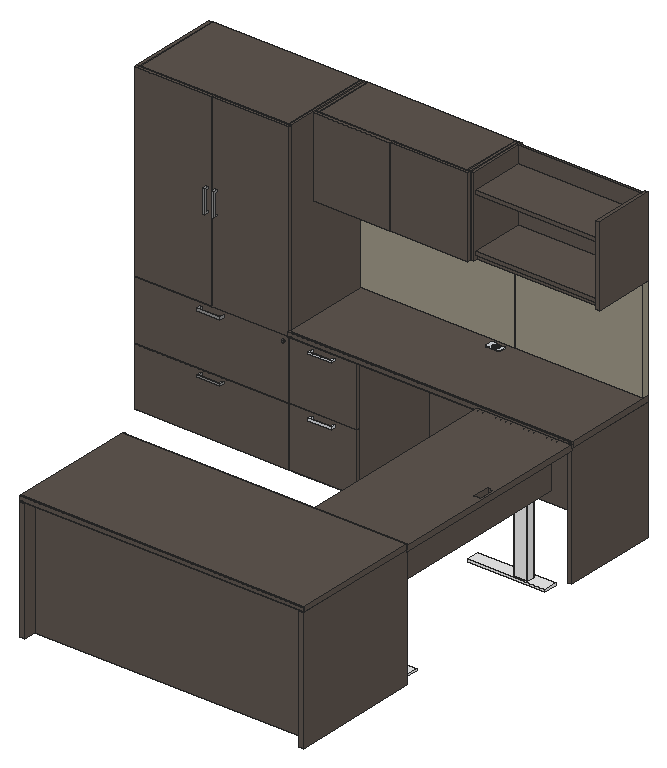
Revit family "T100257", category Furniture, Revit 2015 (continued)
Definition of nested family "FIRST OFFICE-PULSE_CREDENZA_SINGLE_PED_LEFT"
  Forms (in)
    Extrusion 9, solid, material <- "EDGE SHAPE"
      sketch origin (0, 0, 0) x (0, 1, 0) y (0, 0, 1)
        loop
          arc (-14.875, 30) -> (-14.96339, 29.96339) -> (-15, 29.875) r 0.125
          line (-15, 29.875) -> (-15, 28.937)
          arc (-15, 28.937) -> (-14.96339, 28.84861) -> (-14.875, 28.812) r 0.125
      from -33 to 33
    Extrusion 10, solid
      sketch origin (-19.03911, -15.37535, 22.938) x (1, 0, 0) y (0, 1, 0)
        loop
          line (-8.74164, 0.62535) -> (-8.74164, -0.37465) -> (-3.30414, -0.37465) -> (-3.30414, 0.62535) -> (-3.67914, 0.62535) -> (-3.67914, -0.18715) -> (-8.36664, -0.18715) -> (-8.36664, 0.62535) -> (-8.74164, 0.62535)
      from 4.53125 to 5
    Extrusion 11, solid
      sketch origin (-19.03911, -15.37535, 16) x (1, 0, 0) y (0, 1, 0)
        loop
          line (-8.74164, 0.62535) -> (-8.74164, -0.37465) -> (-3.30414, -0.37465) -> (-3.30414, 0.62535) -> (-3.67914, 0.62535) -> (-3.67914, -0.18715) -> (-8.36664, -0.18715) -> (-8.36664, 0.62535) -> (-8.74164, 0.62535)
      from -2.40575 to -1.937
    Extrusion 12, solid
      sketch origin (0, 0, 28.687) x (0, 1, 0) y (-1, 0, 0)
        loop
          line (6.875, 31.937) -> (6.875, 32.875) -> (-14, 32.875) -> (-14, 31.937) -> (6.875, 31.937)
      from 0 to 0.125
    Extrusion 13, solid
      sketch origin (0, 0, 28.687) x (0, 1, 0) y (-1, 0, 0)
        loop
          line (6.875, -32) -> (-14.875, -32) -> (-14.875, -32.875) -> (6.875, -32.875) -> (6.875, -32)
      from 0 to 0.125
    Extrusion 14, solid, visible <- "CENTER GROMMET"
      sketch origin (0, -7, 29.972) x (0, 1, 0) y (-1, 0, 0)
        loop
          arc (12, 1.25) -> (11.87186, 1.55936) -> (11.5625, 1.6875) r 0.4375
          line (11.5625, 1.6875) -> (10.4375, 1.6875)
          arc (10.4375, 1.6875) -> (10.12814, 1.55936) -> (10, 1.25) r 0.4375
          line (10, 1.25) -> (10, 0) -> (10.62004, 0) -> (10.62004, 0.4375)
          arc (10.62004, 0.4375) -> (10.69471, 0.61779) -> (10.875, 0.69246) r 0.25496
          line (10.875, 0.69246) -> (11.125, 0.69246)
          arc (11.125, 0.69246) -> (11.30529, 0.61779) -> (11.37996, 0.4375) r 0.25496
          line (11.37996, 0.4375) -> (11.37996, 0) -> (12, 0) -> (12, 1.25)
      from 0.028 to 0.098
    Sweep 15, void
      path origin (0, -7, 30) x (0, 1, 0) y (-1, 0, 0)
        loop
          line (11.37996, 0) -> (11.37996, 0.4375)
          arc (11.37996, 0.4375) -> (11.30529, 0.61779) -> (11.125, 0.69246) r 0.25496
          line (11.125, 0.69246) -> (10.875, 0.69246)
          arc (10.875, 0.69246) -> (10.69471, 0.61779) -> (10.62004, 0.4375) r 0.25496
          line (10.62004, 0.4375) -> (10.62004, 0)
      profile origin (-0.69246, 4, 30) x (1, 0, 0) y (0, 0, 1)
        loop
          arc (-0.07, 0.07) -> (-0.0205, 0.0495) -> (0, 0) r 0.07
          line (0, 0) -> (0, 0.07) -> (-0.07, 0.07)
    Extrusion 16, solid, visible <- "CENTER GROMMET"
      sketch origin (0, -7, 29.942) x (0, 1, 0) y (-1, 0, 0)
        loop
          line (12, -1.25) -> (12, 0) -> (11.37996, 0) -> (11.37996, -0.4375)
          arc (11.37996, -0.4375) -> (11.30529, -0.61779) -> (11.125, -0.69246) r 0.25496
          line (11.125, -0.69246) -> (10.875, -0.69246)
          arc (10.875, -0.69246) -> (10.69471, -0.61779) -> (10.62004, -0.4375) r 0.25496
          line (10.62004, -0.4375) -> (10.62004, 0) -> (10, 0) -> (10, -1.25)
          arc (10, -1.25) -> (10.12814, -1.55936) -> (10.4375, -1.6875) r 0.4375
          line (10.4375, -1.6875) -> (11.5625, -1.6875)
          arc (11.5625, -1.6875) -> (11.87186, -1.55936) -> (12, -1.25) r 0.4375
      from 0.058 to 0.128
    Sweep 17, void
      path origin (0, -7, 30) x (0, 1, 0) y (1, 0, 0)
        loop
          line (11.37996, 0) -> (11.37996, 0.4375)
          arc (11.37996, 0.4375) -> (11.30529, 0.61779) -> (11.125, 0.69246) r 0.25496
          line (11.125, 0.69246) -> (10.875, 0.69246)
          arc (10.875, 0.69246) -> (10.69471, 0.61779) -> (10.62004, 0.4375) r 0.25496
          line (10.62004, 0.4375) -> (10.62004, 0)
      profile origin (0.69247, 4, 30) x (1, 0, 0) y (0, 0, 1)
        loop
          line (0.07, 0.07) -> (0, 0.07) -> (0, 0)
          arc (0, 0) -> (0.0205, 0.0495) -> (0.07, 0.07) r 0.07
    Extrusion 18, void
      sketch origin (0, 0, 30) x (0, 1, 0) y (-1, 0, 0)
        loop
          line (3.5, 0.75) -> (3.5, -0.75) -> (4.5, -0.75) -> (4.5, 0.75) -> (3.5, 0.75)
      from -1.188 to 0
  Cuts and joins
    Sweep 15, Extrusion 18 cuts Extrusion 14
    Sweep 15, Sweep 17, Extrusion 18 cuts Extrusion 16
    Extrusion 18 cuts Extrusion 8
  Lines and regions (in)
    Masking region 1
      outline origin (0, 0, 0) x (1, 0, 0) y (0, 1, 0)
        loop
          line (-33, 7) -> (-33, -15) -> (33, -15) -> (33, 7) -> (-33, 7)
    Masking region 2
      outline origin (0, 0, 0) x (1, 0, 0) y (0, 1, 0)
        loop
          line (-27.78075, -15) -> (-27.78075, -15.75) -> (-22.34325, -15.75) -> (-22.34325, -15) -> (-22.71825, -15) -> (-22.71825, -15.5625) -> (-27.40575, -15.5625) -> (-27.40575, -15) -> (-27.78075, -15)
    Masking region 3, visible <- "CENTER GROMMET"
      outline origin (0, -7, 30) x (0, 1, 0) y (-1, 0, 0)
        loop
          arc (12, 1.25) -> (11.87186, 1.55936) -> (11.5625, 1.6875) r 0.4375
          line (11.5625, 1.6875) -> (10.4375, 1.6875)
          arc (10.4375, 1.6875) -> (10.12814, 1.55936) -> (10, 1.25) r 0.4375
          line (10, 1.25) -> (10, 0) -> (10.62004, 0) -> (10.62004, 0.4375)
          arc (10.62004, 0.4375) -> (10.69471, 0.61779) -> (10.875, 0.69246) r 0.25496
          line (10.875, 0.69246) -> (11.125, 0.69246)
          arc (11.125, 0.69246) -> (11.30529, 0.61779) -> (11.37996, 0.4375) r 0.25496
          line (11.37996, 0.4375) -> (11.37996, 0) -> (12, 0) -> (12, 1.25)
    Masking region 4, visible <- "CENTER GROMMET"
      outline origin (0, -7, 30) x (1, 0, 0) y (0, 1, 0)
        loop
          line (1.25, 12) -> (0, 12) -> (0, 11.37996) -> (0.4375, 11.37996)
          arc (0.4375, 11.37996) -> (0.61779, 11.30529) -> (0.69246, 11.125) r 0.25496
          line (0.69246, 11.125) -> (0.69246, 10.875)
          arc (0.69246, 10.875) -> (0.61779, 10.69471) -> (0.4375, 10.62004) r 0.25496
          line (0.4375, 10.62004) -> (0, 10.62004) -> (0, 10) -> (1.25, 10)
          arc (1.25, 10) -> (1.55936, 10.12814) -> (1.6875, 10.4375) r 0.4375
          line (1.6875, 10.4375) -> (1.6875, 11.5625)
          arc (1.6875, 11.5625) -> (1.55936, 11.87186) -> (1.25, 12) r 0.4375
  Dimensions and locks (in)
    equal spacing: plane 4 "LEFT", plane 3 "Center Left/Right", plane 5 "RIGHT"
    "CREDENZA WIDTH": plane 4 "LEFT" to plane 5 "RIGHT"
    plane 15 to plane 14 to plane 11 = 1/8" locked, 13 3/4" locked
    plane 22 to plane 11 to plane 9 "PEDESTAL BOTTOM" = 0.187" locked, 0.563" locked
    locked: Extrusion 4 to Extrusion 3 sketch curve at 28.188
    locked: Extrusion 6 sketch curve to Extrusion 8 at 28.313
    "PEDESTAL HEIGHT": plane 10 "PEDESTAL TOP" to plane 9 "PEDESTAL BOTTOM"
    plane 23 "MODESTY PANEL" to plane 25 to plane 24 = 0.3" locked, 3/4" locked
    locked: plane 8 "FRONT" to plane 23 "MODESTY PANEL" at 22
    equal spacing: plane 23 "MODESTY PANEL", plane 1 "Center Front/Back", plane 8 "FRONT"
    plane 4 "LEFT" to plane 16 to plane 19 to plane 20 to plane 17 to plane 18 = 0.063" locked, 1" locked, 14.063" locked, 0.687" locked, 0.063" locked
    locked: plane 21 to plane 5 "RIGHT" at 1
    plane 14 to plane 26 to plane 27 = 3/4" locked, 15/32" locked
    plane 7 "BASE HEIGHT" to plane 10 "PEDESTAL TOP" to plane 2 = 1/8" locked, 28.687" locked
    locked: plane 28 to plane 6 "DESK TOP" at 0.07
    "THICKNESS": plane 6 "DESK TOP" to plane 7 "BASE HEIGHT"
    aligned and locked: plane 16 to Extrusion 1 sketch curve
    aligned and locked: Extrusion 1 sketch curve to plane 14
    aligned and locked: plane 11 to Extrusion 1 sketch curve
    aligned and locked: Extrusion 1 sketch curve to plane 17
    aligned and locked: plane 17 to Extrusion 2 sketch curve
    aligned and locked: plane 10 "PEDESTAL TOP" to Extrusion 2 sketch curve
    aligned: Extrusion 2 to plane 12 "PEDESTAL FRONT"
    aligned: plane 13 "DRAWER FRONT" to Extrusion 2
    aligned and locked: Extrusion 1 to plane 12 "PEDESTAL FRONT"
    aligned and locked: plane 13 "DRAWER FRONT" to Extrusion 1
    aligned and locked: plane 10 "PEDESTAL TOP" to Extrusion 3 sketch curve
    aligned and locked: plane 12 "PEDESTAL FRONT" to Extrusion 3 sketch curve
    aligned: Extrusion 3 to plane 4 "LEFT"
    aligned: plane 19 to Extrusion 3
    aligned and locked: plane 5 "RIGHT" to Extrusion 4
    aligned and locked: plane 21 to Extrusion 4
    aligned and locked: Extrusion 5 to plane 20
    aligned and locked: plane 18 to Extrusion 5
    aligned: Extrusion 4 to plane 9 "PEDESTAL BOTTOM"
    aligned and locked: Extrusion 5 to plane 9 "PEDESTAL BOTTOM"
    aligned and locked: plane 7 "BASE HEIGHT" to Extrusion 5
    aligned and locked: plane 7 "BASE HEIGHT" to Extrusion 6 sketch curve
    aligned and locked: Extrusion 6 sketch curve to plane 21
    aligned and locked: Extrusion 6 sketch curve to plane 19
    aligned: Extrusion 6 to plane 24
    aligned: plane 23 "MODESTY PANEL" to Extrusion 6
    aligned and locked: plane 24 to Extrusion 5
    aligned and locked: Extrusion 7 sketch curve to plane 19
    aligned and locked: plane 24 to Extrusion 7 sketch curve
    aligned and locked: plane 20 to Extrusion 7 sketch curve
    aligned and locked: plane 12 "PEDESTAL FRONT" to Extrusion 7 sketch curve
    aligned and locked: Extrusion 7 to plane 9 "PEDESTAL BOTTOM"
    aligned and locked: plane 22 to Extrusion 7
    aligned and locked: Extrusion 8 to plane 7 "BASE HEIGHT"
    aligned and locked: plane 6 "DESK TOP" to Extrusion 8
    aligned and locked: Extrusion 9 sketch curve to plane 8 "FRONT"
    aligned and locked: Extrusion 9 to plane 4 "LEFT"
    aligned and locked: plane 5 "RIGHT" to Extrusion 9
    aligned and locked: Extrusion 12 to plane 10 "PEDESTAL TOP"
    aligned and locked: plane 7 "BASE HEIGHT" to Extrusion 12
    aligned and locked: level to plane 2
    aligned and locked: Extrusion 6 to Extrusion 4
    aligned and locked: Extrusion 2 sketch curve to plane 15
    aligned and locked: Masking region 1 sketch curve to plane 23 "MODESTY PANEL"
    aligned and locked: plane 23 "MODESTY PANEL" to Extrusion 3
    aligned and locked: Extrusion 8 sketch curve to Masking region 1
    aligned and locked: plane 23 "MODESTY PANEL" to Extrusion 4
    aligned and locked: plane 25 to Extrusion 6
    aligned and locked: Extrusion 6 to plane 24
    aligned and locked: Extrusion 14 to Sweep 15
    aligned and locked: Extrusion 16 to Sweep 15
    aligned and locked: plane 6 "DESK TOP" to cut or joined group of Extrusion 8, Extrusion 18
    aligned and locked: cut or joined group of Extrusion 8, Extrusion 18 to plane 7 "BASE HEIGHT"
    aligned and locked: plane 8 "FRONT" to Extrusion 4
    aligned and locked: cut or joined group of Extrusion 8, Extrusion 18 to Extrusion 13
    aligned and locked: plane 26 to Extrusion 11
    aligned and locked: plane 27 to Extrusion 11
    aligned and locked: plane 28 to cut or joined group of Extrusion 14, Sweep 15, Extrusion 18
    aligned and locked: Sweep 15 sketch curve to plane 28
    aligned and locked: plane 6 "DESK TOP" to Sweep 15 sketch curve
    aligned and locked: plane 28 to Sweep 17 sketch curve
    aligned and locked: plane 6 "DESK TOP" to Sweep 17 sketch curve
    aligned and locked: cut or joined group of Extrusion 14, Sweep 15, Extrusion 18 to plane 6 "DESK TOP"
    aligned and locked: cut or joined group of Sweep 15, Extrusion 16, Sweep 17, Extrusion 18 to plane 6 "DESK TOP"
  Automatic sketch dimensions
    Extrusion 2 sketch curve to plane 16 = 0"
    plane 8 "FRONT" to Masking region 2 sketch curve = 0"  (x2)
    plane 19 to Masking region 2 sketch curve = 4 5/32"
    Masking region 2 sketch curve to Masking region 2 sketch curve = 3/8"  (x2)
    plane 8 "FRONT" to Masking region 2 sketch curve = 9/16"
    Masking region 2 sketch curve to Masking region 2 sketch curve = 4 11/16"
    Masking region 2 sketch curve to Masking region 2 sketch curve = 3/16"
    Extrusion 3 sketch curve to plane 23 "MODESTY PANEL" = 0"
    Extrusion 4 sketch curve to plane 10 "PEDESTAL TOP" = 0"
    plane 12 "PEDESTAL FRONT" to Extrusion 4 sketch curve = 1"
    Extrusion 4 sketch curve to plane 23 "MODESTY PANEL" = 0"
    level to Extrusion 4 sketch curve = 0.499"
    Extrusion 5 sketch curve to plane 7 "BASE HEIGHT" = 0"
    Extrusion 5 sketch curve to plane 12 "PEDESTAL FRONT" = 0"
    Extrusion 5 sketch curve to plane 9 "PEDESTAL BOTTOM" = 0"
    Extrusion 5 sketch curve to plane 24 = 0"
    Extrusion 8 sketch curve to plane 4 "LEFT" = 0"
    Extrusion 8 sketch curve to plane 5 "RIGHT" = 0"
    Extrusion 8 sketch curve to plane 8 "FRONT" = 1/8"
    Extrusion 9 sketch curve to plane 6 "DESK TOP" = 0"
    Extrusion 9 sketch curve to plane 7 "BASE HEIGHT" = 0"
    Extrusion 9 sketch curve to plane 8 "FRONT" = 1/8"
    plane 13 "DRAWER FRONT" to Extrusion 10 sketch curve = 0"  (x2)
    plane 19 to Extrusion 10 sketch curve = 4 5/32"
    Extrusion 10 sketch curve to Extrusion 10 sketch curve = 3/8"  (x2)
    plane 8 "FRONT" to Extrusion 10 sketch curve = 9/16"
    Extrusion 10 sketch curve to Extrusion 10 sketch curve = 4 11/16"
    Extrusion 10 sketch curve to Extrusion 10 sketch curve = 3/16"
    plane 13 "DRAWER FRONT" to Extrusion 11 sketch curve = 0"  (x2)
    plane 19 to Extrusion 11 sketch curve = 4 5/32"
    Extrusion 11 sketch curve to Extrusion 11 sketch curve = 3/8"  (x2)
    plane 8 "FRONT" to Extrusion 11 sketch curve = 9/16"
    Extrusion 11 sketch curve to Extrusion 11 sketch curve = 4 11/16"
    Extrusion 11 sketch curve to Extrusion 11 sketch curve = 3/16"
    Masking region 1 sketch curve to plane 4 "LEFT" = 0"
    Masking region 1 sketch curve to plane 5 "RIGHT" = 0"
    plane 8 "FRONT" to Masking region 1 sketch curve = 0"
    plane 12 "PEDESTAL FRONT" to Extrusion 12 sketch curve = 0"
    Extrusion 12 sketch curve to plane 19 = 0"
    plane 16 to Extrusion 12 sketch curve = 0.062"
    Extrusion 12 sketch curve to plane 23 "MODESTY PANEL" = 1/8"
    Extrusion 13 sketch curve to plane 12 "PEDESTAL FRONT" = 7/8"
    Extrusion 13 sketch curve to plane 21 = 0"
    plane 23 "MODESTY PANEL" to Extrusion 13 sketch curve = 1/8"
    Extrusion 14 sketch curve to plane 3 "Center Left/Right" = 1 1/4"
    Extrusion 14 sketch curve to plane 1 "Center Front/Back" = 7"
    Extrusion 14 sketch curve to Extrusion 14 sketch curve = 7/16"  (x3)
    Extrusion 14 sketch curve to Extrusion 14 sketch curve = 0.62004"  (x2)
    Extrusion 14 sketch curve to Extrusion 14 sketch curve = 0.25496"  (x2)
    Extrusion 14 sketch curve to Extrusion 14 sketch curve = 1/4"
    Extrusion 14 sketch curve to plane 3 "Center Left/Right" = 0"  (x2)
    Sweep 15 sketch curve to plane 3 "Center Left/Right" = 7/16"
    Sweep 15 sketch curve to plane 1 "Center Front/Back" = 7.62004"
    Sweep 15 sketch curve to Sweep 15 sketch curve = 0.25496"  (x2)
    Sweep 15 sketch curve to Sweep 15 sketch curve = 1/4"
    Sweep 15 sketch curve to plane 3 "Center Left/Right" = 0"  (x2)
    profile plane to Sweep 15 sketch curve = 0"
    plane 3 "Center Left/Right" to Extrusion 16 sketch curve = 1 1/4"
    Extrusion 16 sketch curve to plane 1 "Center Front/Back" = 7"
    Extrusion 16 sketch curve to Extrusion 16 sketch curve = 7/16"  (x2)
    plane 3 "Center Left/Right" to Extrusion 16 sketch curve = 7/16"
    Extrusion 16 sketch curve to Extrusion 16 sketch curve = 0.62004"  (x2)
    Extrusion 16 sketch curve to Extrusion 16 sketch curve = 0.25496"  (x2)
    Extrusion 16 sketch curve to Extrusion 16 sketch curve = 1/4"
    plane 3 "Center Left/Right" to Extrusion 16 sketch curve = 0"  (x2)
    Sweep 17 sketch curve to plane 3 "Center Left/Right" = 7/16"
    plane 1 "Center Front/Back" to Sweep 17 sketch curve = 7.62004"
    Sweep 17 sketch curve to Sweep 17 sketch curve = 0.25496"  (x2)
    Sweep 17 sketch curve to Sweep 17 sketch curve = 1/4"
    Sweep 17 sketch curve to plane 3 "Center Left/Right" = 0"  (x2)
    profile plane to Sweep 17 sketch curve = 0"
    Masking region 3 sketch curve to plane 1 "Center Front/Back" = 7"
    Masking region 3 sketch curve to Masking region 3 sketch curve = 7/16"  (x3)
    Masking region 3 sketch curve to plane 3 "Center Left/Right" = 0"  (x2)
    Masking region 3 sketch curve to Masking region 3 sketch curve = 0.62004"  (x2)
    Masking region 3 sketch curve to Masking region 3 sketch curve = 0.25496"  (x2)
    Masking region 3 sketch curve to Masking region 3 sketch curve = 1/4"
    Masking region 3 sketch curve to Masking region 3 sketch curve = 13/16"
    plane 3 "Center Left/Right" to Masking region 4 sketch curve = 0"  (x2)
    plane 3 "Center Left/Right" to Masking region 4 sketch curve = 7/16"
    Masking region 4 sketch curve to Masking region 4 sketch curve = 0"
    Masking region 4 sketch curve to Masking region 4 sketch curve = 0.25496"
    Masking region 4 sketch curve to Masking region 4 sketch curve = 13/16"
    Masking region 4 sketch curve to Masking region 4 sketch curve = 0.55754"
    Masking region 4 sketch curve to Masking region 4 sketch curve = 7/16"  (x2)
    Masking region 4 sketch curve to plane 1 "Center Front/Back" = 7"
    Masking region 4 sketch curve to Masking region 4 sketch curve = 0.62004"
    Masking region 4 sketch curve to Masking region 4 sketch curve = 1/4"
    Extrusion 18 sketch curve to plane 24 = 2.45"
    Extrusion 18 sketch curve to Extrusion 18 sketch curve = 1"
    Extrusion 18 sketch curve to plane 3 "Center Left/Right" = 3/4"
    plane 3 "Center Left/Right" to Extrusion 18 sketch curve = 3/4"
    plane 5 "RIGHT" to Extrusion 13 sketch curve = 1/8"
Definition of nested family "FIRST OFFICE-PULSE_DESK_SINGLE_PED_RIGHT"
  Parameters (values of type "PULSE_DESK_SNGL_PED_4-7236FRPD")
    URL = "http://www.firstoffice.com/products/casegoods/pulse"
    TOP D SIZE [instance] = yes
    THICKNESS [instance] = if(TOP D SIZE, 1.188", 1.563")  # 1.188"
    PEDESTAL HEIGHT = 28.187"
    DESK WIDTH = 72"
    FULL PED = PEDESTAL HEIGHT > 25"  # yes
    DRAWER FRONT = none
    ENVIRONMENTAL = "http://www.firstoffice.com/information/environment"
    DESK DEPTH = 36"
    TOP CORE = none
    Manufacturer = "FIRST OFFICE-PULSE"
    MODEL NUMBER = "4-7236FRPD"
    MANUFACTURERS' CODE = "FOF"
    EDGE SHAPE = none
    Description = "PULSE SINGLE PED DESK RIGHT 72X36"
    CHASSIS = none
    CATALOG CODE = "FOF"
  Types (5): name | PEDESTAL HEIGHT | DESK WIDTH | FULL PED | DESK DEPTH | MODEL NUMBER | Description
    (no name) | 28.187" | 72" | yes | 36" | "4-7236FRPD" | "PULSE SINGLE PED DESK RIGHT 72X36"
    PULSE_DESK_SNGL_PED_4-6630FRPD | 28.187" | 66" | yes | 30" | "4-6630FRPD" | "PULSE SINGLE PED DESK RIGHT 66X30"
    PULSE_DESK_SNGL_PED_4-7236FRPD | 28.187" | 72" | yes | 36" | "4-7236FRPD" | "PULSE SINGLE PED DESK RIGHT 72X36"
    PULSE_DESK_SNGL_PED_4-6630RPD | 21 1/4" | 66" | no | 30" | "4-6630RPD" | "PULSE SINGLE 3/4 PED DESK RIGHT 66X30"
    PULSE_DESK_SNGL_PED_4-7236RPD | 21 1/4" | 72" | no | 36" | "4-7236RPD" | "PULSE SINGLE 3/4 PED DESK RIGHT 72X36"
  Reference planes (in)
    plane 1 "Center Front/Back": y = 3.18047
    plane 2: z = 0
    plane 3 "DESK TOP": z = 30
    plane 4 "BASE HEIGHT": z = 28.812
    plane 5 "FRONT": y = -14.81953
    plane 6 "PEDESTAL BOTTOM": z = 0.5
    plane 7 "PEDESTAL TOP": z = 28.687
    plane 8: z = 1.063
    plane 9 "PEDESTAL FRONT": y = -13.81953
    plane 10 "DRAWER FRONT": y = -14.56953
    plane 11 "ARC DEPTH": y = 21.18047
    plane 12: z = 14.813
    plane 13: z = 14.938
    plane 14: z = 21.874
    plane 15: z = 21.75
    plane 16: z = 1.25
    plane 17: y = 12.18047
    plane 18: y = 11.43047
    plane 19: z = 16.812
    plane 20: y = 21.05547
    plane 21: x = -0.0952
    plane 22: x = 35.9048
    plane 23: x = -36.0952
    plane 24: x = 35.8418
    plane 25: x = -36.0322
    plane 26: x = 20.0288
    plane 27: x = 34.8418
    plane 28: x = 20.7788
    plane 29: x = -35.0322
    plane 30: x = 20.0918
  Forms (in)
    Extrusion 1, solid, material <- "DRAWER FRONT"
      sketch origin (-0.25596, -14.56953, 0) x (-1, 0, 0) y (0, 0, -1)
        loop
          line (-36.09775, -14.813) -> (-20.34775, -14.813) -> (-20.34775, -1.063) -> (-36.09775, -1.063) -> (-36.09775, -14.813)
      from -0.75 to 0
    Extrusion 2, solid, visible <- "FULL PED"
      sketch origin (-0.25596, -14.56953, 0) x (-1, 0, 0) y (0, 0, -1)
        loop
          line (-36.09775, -21.75) -> (-20.34775, -21.75) -> (-20.34775, -14.938) -> (-36.09775, -14.938) -> (-36.09775, -21.75)
      from -0.75 to 0
    Extrusion 3, solid
      sketch origin (-0.25596, -14.56953, 0) x (-1, 0, 0) y (0, 0, -1)
        loop
          line (-36.09775, -28.687) -> (-20.34775, -28.687) -> (-20.34775, -21.874) -> (-36.09775, -21.874) -> (-36.09775, -28.687)
      from -0.75 to 0
    Extrusion 4, solid, material <- "CHASSIS"
      sketch origin (-0.25596, 12.18047, 0) x (1, 0, 0) y (0, 0, -1)
        loop
          line (-34.77625, -28.812) -> (35.09775, -28.812) -> (35.09775, -0.499) -> (-34.77625, -0.499) -> (-34.77625, -28.812)
      from -0.75 to 0
    Extrusion 5, solid, material <- "TOP CORE"
      sketch origin (-0.25596, 0, 30) x (0, 1, 0) y (-1, 0, 0)
        loop
          line (21.05547, -36.16075) -> (21.05547, 35.83925) -> (-14.69453, 35.83925) -> (-14.69453, -36.16075) -> (21.05547, -36.16075)
      from -1.188 to 0
    Extrusion 6, solid, material <- "EDGE SHAPE"
      sketch origin (-0.0952, 0, 0) x (0, 1, 0) y (0, 0, -1)
        loop
          arc (-14.69453, -28.812) -> (-14.78292, -28.84861) -> (-14.81953, -28.937) r 0.125
          line (-14.81953, -28.937) -> (-14.81953, -29.875)
          arc (-14.81953, -29.875) -> (-14.78292, -29.96339) -> (-14.69453, -30) r 0.125
          line (-14.69453, -30) -> (-14.69453, -28.812)
      from -36 to 36
    Extrusion 7, solid, visible <- "FULL PED"
      sketch origin (18.78315, -15.37535, 16.001) x (-1, 0, 0) y (0, -1, 0)
        loop
          line (-11.90239, -0.80581) -> (-11.52739, -0.80581) -> (-11.52739, 0.00669) -> (-6.83989, 0.00669) -> (-6.83989, -0.80581) -> (-6.46489, -0.80581) -> (-6.46489, 0.19419) -> (-11.90239, 0.19419) -> (-11.90239, -0.80581)
      from 4.53125 to 5
    Extrusion 8, solid
      sketch origin (18.78315, -15.37535, 22.938) x (-1, 0, 0) y (0, -1, 0)
        loop
          line (-11.90239, -0.80581) -> (-11.52739, -0.80581) -> (-11.52739, 0.00669) -> (-6.83989, 0.00669) -> (-6.83989, -0.80581) -> (-6.46489, -0.80581) -> (-6.46489, 0.19419) -> (-11.90239, 0.19419) -> (-11.90239, -0.80581)
      from 4.53125 to 5
    Extrusion 9, solid
      sketch origin (18.78315, -15.37535, 9.063) x (-1, 0, 0) y (0, -1, 0)
        loop
          line (-11.90239, -0.80581) -> (-11.52739, -0.80581) -> (-11.52739, 0.00669) -> (-6.83989, 0.00669) -> (-6.83989, -0.80581) -> (-6.46489, -0.80581) -> (-6.46489, 0.19419) -> (-11.90239, 0.19419) -> (-11.90239, -0.80581)
      from 4.53125 to 5
    Extrusion 10, solid, material <- "CHASSIS"
      sketch origin (37.74404, 5.25, 0) x (0, 1, 0) y (0, 0, -1)
        loop
          line (-19.06953, -28.687) -> (15.93047, -28.687) -> (15.93047, -0.499) -> (-19.06953, -0.499) -> (-19.06953, -28.687)
      from 1.83925 to 2.90225
    Extrusion 11, solid
      sketch origin (99, 5.25, 28.687) x (0, 1, 0) y (-1, 0, 0)
        loop
          line (15.80547, 134.0322) -> (15.80547, 135.0322) -> (-19.06953, 135.0322) -> (-19.06953, 134.0322) -> (15.80547, 134.0322)
      from 0 to 0.125
    Extrusion 12, solid, material <- "CHASSIS"
      sketch origin (-36.25596, 5.5, 0) x (0, 1, 0) y (0, 0, 1)
        loop
          line (-20.31953, 28.687) -> (-20.31953, 0.499) -> (15.68047, 0.499) -> (15.68047, 28.687) -> (-20.31953, 28.687)
      from 0.16075 to 1.22375
    Extrusion 13, solid
      sketch origin (94.5, 5.5, 28.687) x (0, 1, 0) y (-1, 0, 0)
        loop
          line (15.55547, 59.6582) -> (-20.06953, 59.6582) -> (-20.06953, 58.6582) -> (15.55547, 58.6582) -> (15.55547, 59.6582)
      from 0 to 0.125
    Extrusion 14, solid, material <- "CHASSIS"
      sketch origin (14.74404, 4.5, 0) x (0, 1, 0) y (0, 0, 1)
        loop
          line (-18.31953, 28.812) -> (-18.31953, 0.5) -> (6.93047, 0.5) -> (6.93047, 28.812) -> (-18.31953, 28.812)
      from 5.28475 to 6.03475
    Extrusion 15, solid, material <- "CHASSIS", not visible
      sketch origin (-0.25596, 4.5, 0.5) x (0, 1, 0) y (-1, 0, 0)
        loop
          line (6.93047, -21.03475) -> (-18.31953, -21.03475) -> (-18.31953, -35.09775) -> (6.93047, -35.09775) -> (6.93047, -21.03475)
      from 0 to 0.75
    Extrusion 16, solid, material <- "CHASSIS"
      sketch origin (-0.25596, 1.5, 0.5) x (0, 1, 0) y (-1, 0, 0)
        loop
          line (9.93047, -21.03475) -> (-15.31953, -21.03475) -> (-15.31953, -35.09775) -> (9.93047, -35.09775) -> (9.93047, -21.03475)
      from 0 to 0.75
    Extrusion 17, solid, material <- "EDGE SHAPE"
      sketch origin (-0.0952, 0, 0) x (0, 1, 0) y (0, 0, -1)
        loop
          line (21.18047, -29.875) -> (21.18047, -28.937)
          arc (21.18047, -28.937) -> (21.14385, -28.84861) -> (21.05547, -28.812) r 0.125
          line (21.05547, -28.812) -> (21.05547, -30)
          arc (21.05547, -30) -> (21.14385, -29.96339) -> (21.18047, -29.875) r 0.125
      from -36 to 36
  Lines and regions (in)
    Masking region 1
      outline origin (-81.95305, 0, 0) x (0, 1, 0) y (-1, 0, 0)
        loop
          line (21.18047, -117.85784) -> (21.18047, -45.85784) -> (-14.81953, -45.85784) -> (-14.81953, -117.85784) -> (21.18047, -117.85784)
    Masking region 2
      outline origin (0, 0, 28.687) x (0, 1, 0) y (-1, 0, 0)
        loop
          line (-14.81953, -25.24805) -> (-15.56953, -25.24805) -> (-15.56953, -30.68555) -> (-14.81953, -30.68555) -> (-14.81953, -30.31055) -> (-15.38203, -30.31055) -> (-15.38203, -25.62305) -> (-14.81953, -25.62305) -> (-14.81953, -25.24805)
  Dimensions and locks (in)
    "DESK DEPTH": plane 5 "FRONT" to plane 11 "ARC DEPTH"
    equal spacing: plane 5 "FRONT", plane 1 "Center Front/Back", plane 11 "ARC DEPTH"
    plane 16 to plane 8 to plane 6 "PEDESTAL BOTTOM" = 0.187" locked, 0.563" locked
    "PEDESTAL HEIGHT": plane 7 "PEDESTAL TOP" to plane 6 "PEDESTAL BOTTOM"
    plane 4 "BASE HEIGHT" to plane 7 "PEDESTAL TOP" to plane 2 = 1/8" locked, 28.687" locked
    "THICKNESS": plane 3 "DESK TOP" to plane 4 "BASE HEIGHT"
    plane 5 "FRONT" to plane 10 "DRAWER FRONT" to plane 9 "PEDESTAL FRONT" to plane 18 to plane 17 = 1/4" locked, 3/4" locked, 25 1/4" locked, 3/4" locked
    locked: plane 11 "ARC DEPTH" to plane 20 at 0.125
    equal spacing: plane 22, plane 21, plane 23
    "DESK WIDTH": plane 22 to plane 23
    plane 13 to plane 12 to plane 8 = 1/8" locked, 13 3/4" locked
    locked: plane 7 "PEDESTAL TOP" to plane 14 at 6.813
    locked: plane 14 to plane 15 at 0.124
    locked: Extrusion 5 to Extrusion 4 sketch curve at 28.313
    plane 29 to plane 25 to plane 23 = 1" locked, 0.063" locked
    plane 22 to plane 24 to plane 27 to plane 28 to plane 30 to plane 26 = 0.063" locked, 1" locked, 14.063" locked, 0.687" locked, 0.063" locked
    plane 12 to Extrusion 9 to Extrusion 9 = 3/4" locked, 15/32" locked
    aligned and locked: level to plane 2
    aligned and locked: Extrusion 1 sketch curve to plane 24
    aligned and locked: plane 12 to Extrusion 1 sketch curve
    aligned and locked: Extrusion 1 sketch curve to plane 8
    aligned and locked: plane 24 to Extrusion 2 sketch curve
    aligned and locked: plane 13 to Extrusion 2 sketch curve
    aligned and locked: Extrusion 2 sketch curve to plane 15
    aligned and locked: plane 14 to Extrusion 3 sketch curve
    aligned and locked: Extrusion 3 sketch curve to plane 7 "PEDESTAL TOP"
    aligned and locked: Extrusion 4 sketch curve to plane 29
    aligned and locked: Extrusion 4 sketch curve to plane 27
    aligned and locked: plane 22 to Extrusion 6
    aligned and locked: Extrusion 6 to plane 23
    aligned and locked: Extrusion 3 sketch curve to plane 30
    aligned and locked: Extrusion 2 sketch curve to plane 30
    aligned and locked: plane 30 to Extrusion 1 sketch curve
    aligned and locked: Extrusion 5 sketch curve to plane 23
    aligned and locked: plane 22 to Extrusion 10
    aligned and locked: Extrusion 10 to plane 27
    aligned and locked: plane 28 to Extrusion 14
    aligned and locked: Extrusion 14 to plane 26
    aligned and locked: Extrusion 12 to plane 23
    aligned and locked: Extrusion 12 to plane 29
    aligned and locked: Extrusion 7 to Extrusion 8  (x2)
    aligned and locked: Extrusion 9 to Extrusion 7  (x2)
    aligned and locked: plane 22 to Extrusion 17
    aligned and locked: Extrusion 17 to plane 23
    aligned and locked: plane 11 "ARC DEPTH" to Masking region 1 sketch curve
    aligned and locked: Masking region 1 sketch curve to plane 23
    aligned and locked: plane 22 to Masking region 1 sketch curve
    aligned and locked: Masking region 1 sketch curve to plane 5 "FRONT"
    aligned and locked: plane 25 to Extrusion 11 sketch curve
    aligned and locked: plane 29 to Extrusion 11 sketch curve
    aligned and locked: plane 20 to Extrusion 11 sketch curve
    aligned and locked: plane 9 "PEDESTAL FRONT" to Extrusion 11 sketch curve
    aligned and locked: Extrusion 13 sketch curve to plane 27
    aligned and locked: plane 24 to Extrusion 13 sketch curve
    aligned and locked: Extrusion 13 sketch curve to plane 20
    aligned and locked: Extrusion 13 sketch curve to plane 10 "DRAWER FRONT"
    aligned and locked: plane 17 to Extrusion 4
    aligned and locked: Extrusion 4 to plane 18
    aligned and locked: plane 16 to Extrusion 16
    aligned and locked: plane 16 to Extrusion 15
    aligned and locked: Extrusion 16 to plane 6 "PEDESTAL BOTTOM"
    aligned and locked: Extrusion 15 to plane 6 "PEDESTAL BOTTOM"
    aligned and locked: Extrusion 15 sketch curve to plane 18
    aligned and locked: plane 18 to Extrusion 14
    aligned and locked: Extrusion 12 to Extrusion 4
    aligned and locked: Extrusion 10 to Extrusion 12
  Automatic sketch dimensions
    plane 24 to Extrusion 3 sketch curve = 0"
    Extrusion 4 sketch curve to plane 4 "BASE HEIGHT" = 0"
    Extrusion 5 sketch curve to plane 22 = 0"
    Extrusion 5 sketch curve to plane 20 = 0"
    plane 5 "FRONT" to Extrusion 5 sketch curve = 1/8"
    Extrusion 6 sketch curve to plane 5 "FRONT" = 0"
    Extrusion 6 sketch curve to plane 3 "DESK TOP" = 0"
    Extrusion 6 sketch curve to plane 4 "BASE HEIGHT" = 0"
    plane 5 "FRONT" to Extrusion 6 sketch curve = 1/8"
    plane 10 "DRAWER FRONT" to Extrusion 7 sketch curve = 0"  (x2)
    plane 27 to Extrusion 7 sketch curve = 4 5/32"
    Extrusion 7 sketch curve to Extrusion 7 sketch curve = 3/8"  (x2)
    plane 5 "FRONT" to Extrusion 7 sketch curve = 9/16"
    Extrusion 7 sketch curve to Extrusion 7 sketch curve = 4 11/16"
    Extrusion 7 sketch curve to Extrusion 7 sketch curve = 3/16"
    plane 10 "DRAWER FRONT" to Extrusion 8 sketch curve = 0"  (x2)
    plane 27 to Extrusion 8 sketch curve = 4 5/32"
    Extrusion 8 sketch curve to Extrusion 8 sketch curve = 3/8"  (x2)
    plane 5 "FRONT" to Extrusion 8 sketch curve = 9/16"
    Extrusion 8 sketch curve to Extrusion 8 sketch curve = 4 11/16"
    Extrusion 8 sketch curve to Extrusion 8 sketch curve = 3/16"
    plane 10 "DRAWER FRONT" to Extrusion 9 sketch curve = 0"  (x2)
    plane 27 to Extrusion 9 sketch curve = 4 5/32"
    Extrusion 9 sketch curve to Extrusion 9 sketch curve = 3/8"  (x2)
    plane 5 "FRONT" to Extrusion 9 sketch curve = 9/16"
    Extrusion 9 sketch curve to Extrusion 9 sketch curve = 4 11/16"
    Extrusion 9 sketch curve to Extrusion 9 sketch curve = 3/16"
    Extrusion 10 sketch curve to plane 7 "PEDESTAL TOP" = 0"
    Extrusion 10 sketch curve to plane 9 "PEDESTAL FRONT" = 0"
    Extrusion 10 sketch curve to plane 11 "ARC DEPTH" = 0"
    Extrusion 10 sketch curve to plane 6 "PEDESTAL BOTTOM" = 0.001"
    Extrusion 12 sketch curve to plane 5 "FRONT" = 0"
    Extrusion 12 sketch curve to plane 11 "ARC DEPTH" = 0"
    Extrusion 12 sketch curve to plane 7 "PEDESTAL TOP" = 0"
    Extrusion 12 sketch curve to plane 6 "PEDESTAL BOTTOM" = 0.001"
    Extrusion 14 sketch curve to plane 4 "BASE HEIGHT" = 0"
    Extrusion 14 sketch curve to plane 9 "PEDESTAL FRONT" = 0"
    Extrusion 14 sketch curve to plane 6 "PEDESTAL BOTTOM" = 0"
    plane 9 "PEDESTAL FRONT" to Extrusion 15 sketch curve = 0"
    Extrusion 15 sketch curve to plane 27 = 0"
    Extrusion 15 sketch curve to plane 28 = 0"
    plane 9 "PEDESTAL FRONT" to Extrusion 16 sketch curve = 0"
    Extrusion 16 sketch curve to plane 18 = 0"
    Extrusion 16 sketch curve to plane 27 = 0"
    Extrusion 16 sketch curve to plane 28 = 0"
    Extrusion 17 sketch curve to plane 3 "DESK TOP" = 0"
    Extrusion 17 sketch curve to plane 20 = 0"
    Extrusion 17 sketch curve to plane 11 "ARC DEPTH" = 0"
    Extrusion 17 sketch curve to plane 4 "BASE HEIGHT" = 0"
    plane 5 "FRONT" to Masking region 2 sketch curve = 0"  (x2)
    plane 5 "FRONT" to Masking region 2 sketch curve = 9/16"
    Masking region 2 sketch curve to Masking region 2 sketch curve = 3/16"
    plane 27 to Masking region 2 sketch curve = 4 5/32"
    Masking region 2 sketch curve to Masking region 2 sketch curve = 3/8"  (x2)
    Masking region 2 sketch curve to Masking region 2 sketch curve = 4 11/16"
    Extrusion 14 sketch curve to plane 20 = 9 5/8"
Definition of nested family "FIRST OFFICE-PULSE_TACKBOARDS_FOR_WALLMOUNT_ORGNZRS"
  Parameters (values of type "PULSE_TACKBOARD_FOR_WALLMOUNT_FT2073")
    URL = "http://www.firstoffice.com/products/casegoods/pulse"
    MODE NUMBER = "FT2073"
    ENVIRONMENTAL = "http://www.firstoffice.com/information/environment"
    Model = ""
    Manufacturer = "FIRST OFFICE-PULSE"
    MANUFACTURERS' CODE = "FOF"
    Description = "PULSE TACKBOARD FOR WALLMOUNT ORGANIZER 48X24"
    TACKBOARD WIDTH = 48"
    CATALOG CODE = "FOF"
    Assembly Code = ""
  Types (9): name | MODE NUMBER | Description | TACKBOARD WIDTH
    PULSE_TACKBOARD_FOR_WALLMOUNT_FT2136 | "FT2136" | "PULSE TACKBOARD FOR WALLMOUNT ORGANIZER 96X24" | 96"
    PULSE_TACKBOARD_FOR_WALLMOUNT_FT2139 | "FT2139" | "PULSE TACKBOARD FOR WALLMOUNT ORGANIZER 84X24" | 84"
    PULSE_TACKBOARD_FOR_WALLMOUNT_FT2069 | "FT2069" | "PULSE TACKBOARD FOR WALLMOUNT ORGANIZER 72X24" | 72"
    PULSE_TACKBOARD_FOR_WALLMOUNT_FT2070 | "FT2070" | "PULSE TACKBOARD FOR WALLMOUNT ORGANIZER 66X24" | 66"
    PULSE_TACKBOARD_FOR_WALLMOUNT_FT2071 | "FT2071" | "PULSE TACKBOARD FOR WALLMOUNT ORGANIZER 60X24" | 60"
    PULSE_TACKBOARD_FOR_WALLMOUNT_FT2073 | "FT2073" | "PULSE TACKBOARD FOR WALLMOUNT ORGANIZER 48X24" | 48"
    PULSE_TACKBOARD_FOR_WALLMOUNT_FT2074 | "FT2074" | "PULSE TACKBOARD FOR WALLMOUNT ORGANIZER 42X24" | 42"
    PULSE_TACKBOARD_FOR_WALLMOUNT_FT2075 | "FT2075" | "PULSE TACKBOARD FOR WALLMOUNT ORGANIZER 36X24" | 36"
    PULSE_TACKBOARD_FOR_WALLMOUNT_FT2076 | "FT2076" | "PULSE TACKBOARD FOR WALLMOUNT ORGANIZER 30X24" | 30"
  Reference planes (in)
    plane 1: z = 0
    plane 2 "Center (Left/Right)": x = -1.00703
    plane 3 "RIGHT": x = 22.99297
    plane 4 "Back": y = 5.75035
    plane 5 "Top": z = 53.875
    plane 6: z = 30.125
    plane 7: y = 4.50035
    plane 8 "LEFT": x = -25.00703
  Forms (in)
    Extrusion 1, solid
      sketch origin (-14.50703, 5.25, 0) x (0, 1, 0) y (0, 0, 1)
        loop
          line (-0.74965, 30.125) -> (0.50035, 30.125) -> (0.50035, 53.875) -> (-0.74965, 53.875) -> (-0.74965, 30.125)
      from -10.5 to 37.5
  Lines and regions (in)
    Masking region 1
      outline origin (-14.50703, 0, 0) x (1, 0, 0) y (0, 1, 0)
        loop
          line (-10.5, 5.75035) -> (-10.5, 4.50035) -> (37.5, 4.50035) -> (37.5, 5.75035) -> (-10.5, 5.75035)
    Masking region 2, not visible
      outline origin (-15.75703, -5, 0) x (1, 0, 0) y (0, 1, 0)
        loop
          line (-9.25, 10.75035) -> (-9.25, 9.50035) -> (14.75, 9.50035) -> (14.75, 10.75035) -> (-9.25, 10.75035)
    Masking region 3, not visible
      outline origin (1.24297, -5, 0) x (1, 0, 0) y (0, 1, 0)
        loop
          line (-2.25, 10.75035) -> (-2.25, 9.50035) -> (21.75, 9.50035) -> (21.75, 10.75035) -> (-2.25, 10.75035)
  Dimensions and locks (in)
    locked: plane 5 "Top" to plane 6 at 23.75
    locked: plane 4 "Back" to plane 7 at 1.25
    equal spacing: plane 8 "LEFT", plane 2 "Center (Left/Right)", plane 3 "RIGHT"
    "TACKBOARD WIDTH": plane 8 "LEFT" to plane 3 "RIGHT"
    plane 6 to plane 1 = 30 1/8"
    aligned: Extrusion 1 to plane 2 "Center (Left/Right)"
    aligned and locked: plane 3 "RIGHT" to Extrusion 1
    aligned and locked: plane 7 to Masking region 1
    aligned and locked: Extrusion 1 to plane 8 "LEFT"
    aligned and locked: Masking region 1 to plane 8 "LEFT"
    aligned and locked: Masking region 2 to plane 8 "LEFT"
    aligned and locked: plane 2 "Center (Left/Right)" to Masking region 2
    aligned and locked: Masking region 3 to plane 2 "Center (Left/Right)"
    aligned and locked: plane 3 "RIGHT" to Masking region 3
    aligned and locked: Masking region 2 to plane 4 "Back"
    aligned and locked: plane 7 to Masking region 2
    aligned and locked: Masking region 3 to plane 4 "Back"
    aligned and locked: plane 7 to Masking region 3
    aligned and locked: plane 5 "Top" to Extrusion 1 sketch curve
    aligned and locked: plane 4 "Back" to Extrusion 1 sketch curve
    aligned and locked: Extrusion 1 sketch curve to plane 7
  Automatic sketch dimensions
    Extrusion 1 sketch curve to plane 6 = 0"
    plane 7 to Masking region 1 sketch curve = 0"
    Masking region 1 sketch curve to plane 8 "LEFT" = 0"
    Masking region 1 sketch curve to plane 3 "RIGHT" = 0"
    plane 4 "Back" to Masking region 1 sketch curve = 0"
    Masking region 2 sketch curve to plane 8 "LEFT" = 0"
    Masking region 2 sketch curve to plane 2 "Center (Left/Right)" = 0"
    plane 7 to Masking region 2 sketch curve = 0"
    Masking region 2 sketch curve to Masking region 2 sketch curve = 1 1/4"
    plane 2 "Center (Left/Right)" to Masking region 3 sketch curve = 0"
    plane 3 "RIGHT" to Masking region 3 sketch curve = 0"
    plane 7 to Masking region 3 sketch curve = 0"
    Masking region 3 sketch curve to Masking region 3 sketch curve = 1 1/4"
Definition of nested family "FIRST OFFICE-PULSE_STORAGE_CABINET_2-DOORS_LAT-FILE"
  Parameters (values of type "PULSE_STORAGE_CABINET_W-DOORS_LF_4-7236SCL")
    CABINET WIDTH = 36"
    VERTICAL PLANKS = none
    URL = "http://www.firstoffice.com/products/casegoods/pulse"
    TOP/BOTTOM = none
    DOOR = none
    Manufacturer = "FIRST OFFICE-PULSE"
    MODEL NUMBER = "4-7236SCL"
    MANUFACTURERS' CODE = "FOF"
    ENVIRONMENT = "http://www.firstoffice.com/information/environment"
    Description = "PULSE CABINET WITH DOORS LF 36X72"
    DRAWER FRONT = none
    CATALOG CODE = "FOF"
  Types (3): name | CABINET WIDTH | MODEL NUMBER | Description
    (no name) | 36" | "4-7236SCL" | "PULSE CABINET WITH DOORS LF 36X72"
    PULSE_STORAGE_CABINET_W-DOORS_LF_4-7230SCL | 30" | "4-7230SCL" | "PULSE CABINET WITH DOORS LF 30X72"
    PULSE_STORAGE_CABINET_W-DOORS_LF_4-7236SCL | 36" | "4-7236SCL" | "PULSE CABINET WITH DOORS LF 36X72"
  Reference planes (in)
    plane 1 "BACK": y = 0
    plane 2: z = 0
    plane 3 "Center Left/Right": x = 0
    plane 4 "LEFT": x = -18
    plane 5 "RIGHT": x = 18
    plane 6 "FRONT": y = -21
    plane 7: z = 72.5
    plane 8: y = -0.25
    plane 9: y = -1
    plane 10: z = 71.75
    plane 11: x = -17.25
    plane 12: x = 17.25
    plane 13: x = -17.937
    plane 14: x = 17.937
    plane 15: y = -21.75
    plane 16: z = 0.5
    plane 17: z = 72.437
    plane 18: z = 1.25
    plane 19: z = 1
    plane 20: z = 48.001
    plane 21: z = 53.4385
    plane 22: x = -0.063
    plane 23: x = 0.063
    plane 24: x = -0.813
    plane 25: x = -1.283
    plane 26: z = 28.625
    plane 27: z = 14.75
    plane 28: z = 14.875
    plane 29: z = 29.25
    plane 30: z = 28.75
    plane 31: x = 0.813
    plane 32: x = 1.283
  Forms (in)
    Extrusion 1, solid, material <- "TOP/BOTTOM"
      sketch origin (0, 0, 29.018) x (1, 0, 0) y (0, 0, 1)
        loop
          line (-17.25, 43.482) -> (-17.25, 42.732) -> (17.25, 42.732) -> (17.25, 43.482) -> (-17.25, 43.482)
      from 0 to 21
    Extrusion 2, solid, material <- "VERTICAL PLANKS"
      sketch origin (-7.5, 0, 34.643) x (0, 1, 0) y (0, 0, 1)
        loop
          line (0, 37.857) -> (-21, 37.857) -> (-21, -34.143) -> (0, -34.143) -> (0, 37.857)
      from -10.5 to -9.75
    Extrusion 3, solid, material <- "VERTICAL PLANKS"
      sketch origin (24, 0, 34.643) x (0, 1, 0) y (0, 0, -1)
        loop
          line (0, -37.857) -> (0, 34.143) -> (-21, 34.143) -> (-21, -37.857) -> (0, -37.857)
      from 6 to 6.75
    Extrusion 4, solid, material <- "VERTICAL PLANKS"
      sketch origin (0, 0, 34.643) x (1, 0, 0) y (0, 0, 1)
        loop
          line (-17.25, 37.107) -> (-17.25, -34.143) -> (17.25, -34.143) -> (17.25, 37.107) -> (-17.25, 37.107)
      from 0.25 to 1
    Extrusion 5, solid, material <- "TOP/BOTTOM"
      sketch origin (0, -6.625, -9.982) x (1, 0, 0) y (0, 0, 1)
        loop
          line (-17.25, 11.232) -> (-17.25, 10.482) -> (17.25, 10.482) -> (17.25, 11.232) -> (-17.25, 11.232)
      from -5.625 to 14.375
    Extrusion 6, solid, material <- "DOOR"
      sketch origin (0, -21, 0) x (1, 0, 0) y (0, 0, 1)
        loop
          line (-0.063, 72.437) -> (-17.937, 72.437) -> (-17.937, 28.75) -> (-0.063, 28.75) -> (-0.063, 72.437)
      from 0 to 0.75
    Extrusion 7, solid, material <- "DRAWER FRONT"
      sketch origin (0, -21, 0) x (1, 0, 0) y (0, 0, 1)
        loop
          line (17.937, 28.625) -> (-17.937, 28.625) -> (-17.937, 14.875) -> (17.937, 14.875) -> (17.937, 28.625)
      from 0 to 0.75
    Extrusion 8, solid, material <- "DRAWER FRONT"
      sketch origin (0, -21, 0) x (1, 0, 0) y (0, 0, 1)
        loop
          line (17.937, 14.75) -> (-17.937, 14.75) -> (-17.937, 1) -> (17.937, 1) -> (17.937, 14.75)
      from 0 to 0.75
    Extrusion 9, solid
      sketch origin (4.5445, -21.75, 0) x (1, 0, 0) y (0, 0, 1)
        loop
          circle (12.1425, 27.438) r 0.313
      from 0 to 0.1
    Extrusion 10, solid
      sketch origin (-20.32598, -29.75035, 41.16486) x (0, 0, -1) y (0, 1, 0)
        loop
          line (-12.27364, 8.00035) -> (-12.27364, 7.00035) -> (-6.83614, 7.00035) -> (-6.83614, 8.00035) -> (-7.21114, 8.00035) -> (-7.21114, 7.18785) -> (-11.89864, 7.18785) -> (-11.89864, 8.00035) -> (-12.27364, 8.00035)
      from 19.04298 to 19.51298
    Extrusion 11, solid, material <- "TOP/BOTTOM"
      sketch origin (0, -2.31552, -14.17) x (1, 0, 0) y (0, 0, 1)
        loop
          line (-17.25, 43.42) -> (-17.25, 42.67) -> (17.25, 42.67) -> (17.25, 43.42) -> (-17.25, 43.42)
      from -1.31552 to 18.68448
    Extrusion 12, solid
      sketch origin (20.32598, -29.75035, 41.16486) x (0, 0, -1) y (0, -1, 0)
        loop
          line (-12.27364, -8.00035) -> (-11.89864, -8.00035) -> (-11.89864, -7.18785) -> (-7.21114, -7.18785) -> (-7.21114, -8.00035) -> (-6.83614, -8.00035) -> (-6.83614, -7.00035) -> (-12.27364, -7.00035) -> (-12.27364, -8.00035)
      from 19.04298 to 19.51298
    Extrusion 13, solid, material <- "DOOR"
      sketch origin (0, -21, 0) x (-1, 0, 0) y (0, 0, -1)
        loop
          line (-0.063, -72.437) -> (-0.063, -28.75) -> (-17.937, -28.75) -> (-17.937, -72.437) -> (-0.063, -72.437)
      from 0 to 0.75
  Lines and regions (in)
    Masking region 1
      outline origin (0, 0, 0) x (1, 0, 0) y (0, 1, 0)
        loop
          line (18, 0) -> (-18, 0) -> (-18, -21) -> (18, -21) -> (18, 0)
    Masking region 2
      outline origin (0, 0, 0) x (1, 0, 0) y (0, 1, 0)
        loop
          line (-17.937, -21) -> (-17.937, -21.75) -> (17.937, -21.75) -> (17.937, -21) -> (-17.937, -21)
    Masking region 3
      outline origin (0, 0, 0) x (1, 0, 0) y (0, 1, 0)
        loop
          line (-1.283, -21.75) -> (-1.283, -22.75) -> (-0.813, -22.75) -> (-0.813, -21.75) -> (-1.283, -21.75)
    Masking region 4
      outline origin (0, 0, 0) x (0, 1, 0) y (-1, 0, 0)
        loop
          line (-21.75, -1.283) -> (-21.75, -0.813) -> (-22.75, -0.813) -> (-22.75, -1.283) -> (-21.75, -1.283)
    Masking region 5
      outline origin (0, 0, 0) x (1, 0, 0) y (0, 1, 0)
        loop
          line (-2.71875, -21.75) -> (-2.71875, -22.75) -> (2.71875, -22.75) -> (2.71875, -21.75) -> (2.34375, -21.75) -> (2.34375, -22.5625) -> (-2.34375, -22.5625) -> (-2.34375, -21.75) -> (-2.71875, -21.75)
  Dimensions and locks (in)
    locked: plane 7 to plane 16 at 72
    equal spacing: plane 4 "LEFT", plane 3 "Center Left/Right", plane 5 "RIGHT"
    plane 18 to plane 19 to plane 16 to plane 2 = 1/4" locked, 1/2" locked, 1/2" locked
    "CABINET WIDTH": plane 4 "LEFT" to plane 5 "RIGHT"
    plane 12 to plane 14 to plane 5 "RIGHT" = 0.687" locked, 0.063" locked
    plane 15 to plane 6 "FRONT" to plane 9 to plane 8 to plane 1 "BACK" = 3/4" locked, 20" locked, 3/4" locked, 1/4" locked
    plane 7 to plane 17 to plane 10 = 0.063" locked, 0.687" locked
    plane 21 to plane 20 to plane 29 to plane 26 to plane 28 to plane 27 to plane 19 = 5 7/16" locked, 18.751", 5/8" locked, 13 3/4" locked, 1/8" locked, 13 3/4" locked
    plane 4 "LEFT" to plane 13 to plane 11 = 0.063" locked, 0.687" locked
    aligned and locked: plane 7 to Extrusion 1 sketch curve
    aligned and locked: plane 6 "FRONT" to Extrusion 1
    aligned and locked: plane 6 "FRONT" to Extrusion 2
    aligned and locked: plane 6 "FRONT" to Extrusion 3
    aligned and locked: Extrusion 4 to plane 8
    aligned and locked: plane 11 to Extrusion 2
    aligned and locked: Extrusion 4 to plane 11
    aligned and locked: Extrusion 4 to plane 12
    aligned and locked: plane 5 "RIGHT" to Extrusion 3
    aligned and locked: plane 12 to Extrusion 3
    aligned: plane 10 to Extrusion 2
    aligned: plane 10 to Extrusion 3
    aligned and locked: Extrusion 1 to plane 10
    aligned: plane 10 to Extrusion 4
    aligned and locked: plane 7 to Extrusion 2
    aligned and locked: Extrusion 1 to plane 11
    aligned and locked: plane 7 to Extrusion 3
    aligned and locked: Extrusion 1 to plane 12
    aligned and locked: plane 9 to Extrusion 4
    aligned and locked: Extrusion 2 to plane 4 "LEFT"
    aligned and locked: Extrusion 3 to plane 16
    aligned and locked: Extrusion 2 to plane 16
    aligned: Extrusion 4 to plane 16
    aligned: Extrusion 4 to plane 18
    aligned: plane 7 to Extrusion 4
    aligned: Extrusion 1 to plane 9
    aligned and locked: Extrusion 4 to plane 16
    aligned and locked: Extrusion 5 to plane 16
    aligned and locked: plane 18 to Extrusion 5
    aligned and locked: level to plane 2
    aligned and locked: plane 10 to Extrusion 4
    aligned and locked: Extrusion 1 to plane 1 "BACK"
    aligned and locked: Extrusion 5 to plane 9
    aligned and locked: Extrusion 6 sketch curve to plane 13
    aligned and locked: plane 22 to Extrusion 6 sketch curve
    aligned and locked: plane 17 to Extrusion 6 sketch curve
    aligned and locked: plane 14 to Extrusion 7 sketch curve
    aligned and locked: Extrusion 7 sketch curve to plane 28
    aligned and locked: plane 26 to Extrusion 7 sketch curve
    aligned and locked: plane 27 to Extrusion 8 sketch curve
    aligned and locked: plane 14 to Extrusion 8 sketch curve
    aligned and locked: Extrusion 8 sketch curve to plane 19
    aligned and locked: plane 21 to Extrusion 10
    aligned and locked: Extrusion 10 to plane 20
    aligned and locked: plane 24 to Extrusion 10
    aligned and locked: Extrusion 10 to plane 25
    aligned and locked: Extrusion 11 to plane 9
    aligned and locked: plane 6 "FRONT" to Extrusion 11
    aligned and locked: Extrusion 6 sketch curve to plane 30
    aligned and locked: Extrusion 12 to plane 31
    aligned and locked: plane 32 to Extrusion 12
    aligned and locked: Masking region 2 to plane 13
    aligned and locked: Extrusion 7 sketch curve to plane 13
    aligned and locked: Extrusion 8 sketch curve to plane 13
    aligned and locked: Extrusion 11 to plane 11
  Automatic sketch dimensions
    Extrusion 1 sketch curve to plane 10 = 0"
    Extrusion 1 sketch curve to plane 11 = 0"
    plane 12 to Extrusion 1 sketch curve = 0"
    Extrusion 2 sketch curve to plane 6 "FRONT" = 0"
    Extrusion 2 sketch curve to plane 1 "BACK" = 0"
    Extrusion 2 sketch curve to plane 16 = 0"
    Extrusion 2 sketch curve to plane 7 = 0"
    Extrusion 3 sketch curve to plane 6 "FRONT" = 0"
    Extrusion 3 sketch curve to plane 1 "BACK" = 0"
    Extrusion 3 sketch curve to plane 7 = 0"
    Extrusion 3 sketch curve to plane 16 = 0"
    Extrusion 4 sketch curve to plane 11 = 0"
    Extrusion 4 sketch curve to plane 10 = 0"
    plane 12 to Extrusion 4 sketch curve = 0"
    Extrusion 4 sketch curve to plane 16 = 0"
    Extrusion 5 sketch curve to plane 11 = 0"
    plane 12 to Extrusion 5 sketch curve = 0"
    Extrusion 5 sketch curve to plane 16 = 0"
    Extrusion 5 sketch curve to plane 18 = 0"
    plane 12 to Extrusion 9 sketch curve = 0.563"
    Extrusion 9 sketch curve to plane 26 = 1.187"
    Extrusion 10 sketch curve to plane 15 = 0"  (x2)
    Extrusion 10 sketch curve to plane 21 = 0"
    Extrusion 10 sketch curve to plane 20 = 0"
    Extrusion 10 sketch curve to Extrusion 10 sketch curve = 3/8"
    plane 20 to Extrusion 10 sketch curve = 3/8"
    plane 15 to Extrusion 10 sketch curve = 13/16"
    Extrusion 10 sketch curve to Extrusion 10 sketch curve = 3/16"
    Extrusion 11 sketch curve to plane 11 = 0"
    plane 12 to Extrusion 11 sketch curve = 0"
    Extrusion 11 sketch curve to plane 29 = 0"
    Extrusion 11 sketch curve to plane 26 = 1/8"
    plane 1 "BACK" to Masking region 1 sketch curve = 0"
    Masking region 1 sketch curve to plane 4 "LEFT" = 0"
    Masking region 1 sketch curve to plane 5 "RIGHT" = 0"
    plane 6 "FRONT" to Masking region 1 sketch curve = 0"
    Masking region 2 sketch curve to plane 13 = 0"
    plane 6 "FRONT" to Masking region 2 sketch curve = 0"
    Masking region 2 sketch curve to plane 14 = 0"
    plane 15 to Masking region 2 sketch curve = 0"
    Masking region 3 sketch curve to plane 25 = 0"
    plane 15 to Masking region 3 sketch curve = 0"
    Masking region 3 sketch curve to plane 24 = 0"
    Masking region 3 sketch curve to Masking region 3 sketch curve = 1"
    Extrusion 12 sketch curve to plane 15 = 0"  (x2)
    Extrusion 12 sketch curve to plane 21 = 0"
    Extrusion 12 sketch curve to plane 20 = 0"
    Extrusion 12 sketch curve to Extrusion 12 sketch curve = 3/8"
    plane 20 to Extrusion 12 sketch curve = 3/8"
    plane 15 to Extrusion 12 sketch curve = 13/16"
    Extrusion 12 sketch curve to Extrusion 12 sketch curve = 3/16"
    Masking region 4 sketch curve to plane 32 = 0"
    Masking region 4 sketch curve to plane 31 = 0"
    plane 15 to Masking region 4 sketch curve = 0"
    Masking region 4 sketch curve to Masking region 4 sketch curve = 1"
    Extrusion 13 sketch curve to plane 14 = 0"
    Extrusion 13 sketch curve to plane 23 = 0"
    Extrusion 13 sketch curve to plane 30 = 0"
    Extrusion 13 sketch curve to plane 17 = 0"
    plane 15 to Masking region 5 sketch curve = 0"  (x2)
    Masking region 5 sketch curve to plane 25 = 1.43575"
    Masking region 5 sketch curve to Masking region 5 sketch curve = 3/8"  (x2)
    Masking region 5 sketch curve to plane 32 = 1.06075"
    plane 15 to Masking region 5 sketch curve = 13/16"
    Masking region 5 sketch curve to Masking region 5 sketch curve = 3/16"
    radius of Extrusion 9 sketch curve = 0.313"
  Nested families (in)
    nested 1: "ERA_PULL" at (0.282, -24.75, 27.40625), type "ERA_PULL"
    nested 2: "ERA_PULL" at (0.282, -24.75, 13.53125), type "ERA_PULL"
  Definition of nested family "ERA_PULL"
    Parameters
      URL = ""
      Manufacturer = ""
      Description = ""
    Reference planes (in)
      plane 1 "Center Front/Back": y = 3
      plane 2: z = 0
      plane 3 "Center Left/Right": x = -0.282
    Forms (in)
      Extrusion 1, solid
        sketch origin (9.27289, -5.00035, -4.53125) x (1, 0, 0) y (0, 1, 0)
          loop
            line (-12.27364, 8.00035) -> (-12.27364, 7.00035) -> (-6.83614, 7.00035) -> (-6.83614, 8.00035) -> (-7.21114, 8.00035) -> (-7.21114, 7.18785) -> (-11.89864, 7.18785) -> (-11.89864, 8.00035) -> (-12.27364, 8.00035)
        from 4.53125 to 5
    Dimensions and locks (in)
      aligned and locked: level to plane 2
Definition of nested family "OFS ELEMENT OPEN L DESK LEFT AND RIGHT 84in Width 60in Return"
  Parameters (values of type "ELEMENT OPEN L DESK RIGHT RETURN 84in Width 60in Return")
    Worksurface Material = none
    Width = 84"
    URL = "http://www.ofsbrands.com/"
    Transaction Shelf Material = none
    Table Supp from Lateral = 2 5/8"
    Table Supp from Center = 11 1/8"
    Table Depth = 13 1/2"
    Right Return Desk Option = no
    Right Desk Ovelay [instance] = and(Right Return Desk Option, Desk Overlay Option)  # no
    Return Worksurface Width = 22"
    Paper Organizer Material = none
    Paper Organizer Depth = 12 3/4"
    Paper Organizer Clearance = 4 5/8"
    Paper Organizer Board Thickness = 3/4"
    Model = "EL-T84RL60C"
    Manufacturer = "OFS"
    Left Return Desk Option = yes
    Left Desk Overlay [instance] = and(Left Return Desk Option, Desk Overlay Option)  # yes
    Lateral Board Thickness = 1 3/16"
    Height = 45"
    Standoffs Material = none
    Groomet Material = none
    Desk Overlay Thickness = 1/8"
    Desk Overlay Option [instance] = yes
    Desk Overlay Material = none
    Desk Overlay = 6 1/2"
    Description = "OFS BRANDS OFS ELEMENT OPEN L DESK RIGHT RETURN 84\" Width, 84\"W x 34.3125\"D DESK, 60\"W x 22\"D RETURN With Paper Organizer"
    Desk Depth = 34 5/16"
    Depth = 94 5/16"
    Copyright © = "© 2018 OFS BRANDS"
    Catalog = "http://ofs.com/products/casegoods/reception/element"
    Bottom Board Offset = 0"
    Chassis Material = none
    Base Depth = 30"
    Back Board Thickness = 1 3/16"
    Authoring Version = "Autodesk Revit Architecture 2013"
    Assembly Code = "E2020200"
  Types (3): name | Model | Left Return Desk Option | Left Desk Overlay | Description
    (no name) | "EL-T84RL60C" | yes | yes | "OFS BRANDS OFS ELEMENT OPEN L DESK RIGHT RETURN 84\" Width, 84\"W x 34.3125\"D DESK, 60\"W x 22\"D RETURN With Paper Organizer"
    ELEMENT OPEN L DESK LEFT RETURN 84in Width 60in Return | "EL-T84LL60C" | no | no | "OFS BRANDS OFS ELEMENT OPEN L DESK LEFT RETURN 84\" Width, 84\"W x 34.3125\"D DESK, 60\"W x 22\"D RETURN With Paper Organizer"
    ELEMENT OPEN L DESK RIGHT RETURN 84in Width 60in Return | "EL-T84RL60C" | yes | yes | "OFS BRANDS OFS ELEMENT OPEN L DESK RIGHT RETURN 84\" Width, 84\"W x 34.3125\"D DESK, 60\"W x 22\"D RETURN With Paper Organizer"
  Reference planes (in)
    plane 1 "Center Front/Back": y = 0
    plane 2: z = 0
    plane 3 "Center Left/Right": x = 0
    plane 4 "Back External": y = 17.15625
    plane 5 "Right External": x = 42
    plane 6 "Front External": y = -17.15625
    plane 7 "Left External": x = -42
    plane 8 "Seat Height": z = 29.5
    plane 9 "Height": z = 45
    plane 10: x = 40.8125
    plane 11: x = -40.8125
    plane 12: y = 12.84375
    plane 13: y = 11.65625
    plane 14: y = 3.65625
    plane 15: z = 40.5
    plane 16: z = 28.5
    plane 17: z = 43.875
    plane 18: z = 39.375
    plane 19: z = 0
    plane 20: x = 39.375
    plane 21: x = 2.625
    plane 22: x = 35.5
    plane 23: z = 6.5
    plane 24: z = 34
    plane 25: y = 12.96875
    plane 26: y = -77.15625
    plane 27: x = -20
    plane 28: x = 20
    plane 29: y = -75.96875
    plane 30: x = -37
    plane 31: x = 37
    plane 32: y = -47.15625
    plane 33: x = 6.5
